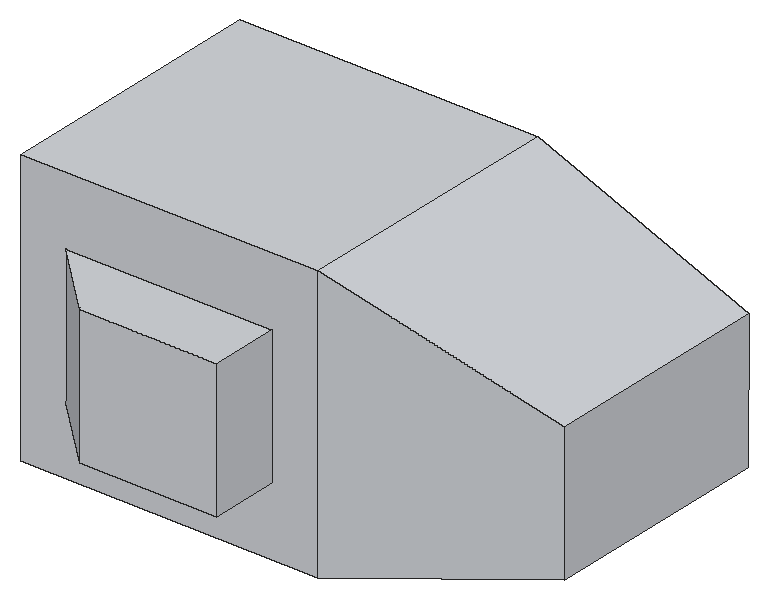
Revit family "M_T retangular com transição - Chanfrado", category Conexões de duto, Revit 2019
Family settings
  Cota do conector redondo = Utilizar diâmetro
  Tipo de parte = Tê
  Número OmniClass = 23.75.70.14
  Título OmniClass = Air Ductwork
  ID de item do Seek = Rectangular Tee with Transition - Beveled-0000-CAN-ENU
  Com base no plano de trabalho = Não
  Sempre na vertical = Sim
  Corte com vazios quando carregada = Não
  Compartilhado = Não
Parameters (values of type "Padrão")
  Comprimento do rebaixo [instance] = 50 mm
  Largura 2 [instance] = if(Ângulo = 90.00°, Largura do duto 3, (Largura do duto 3 + (Comprimento do duto 3) / tan(Ângulo)))  # 225 mm
  Altura 2 [instance] = if(Ângulo 1 = 90.00°, Altura do duto 3, (Altura do duto 3 + (Comprimento do duto 3) / tan(Ângulo 1) * 2))  # 150 mm
  Comprimento 6 [instance] = Comprimento do duto 1 + 25 mm  # 350 mm
  Comprimento 5 [instance] = (Largura 2 - Largura do duto 3) / 2  # 37.5 mm
  Comprimento 4 [instance] = Largura 1 + Comprimento do rebaixo * 2  # 325 mm
  Comprimento 3 [instance] = Largura base + Comprimento do rebaixo * 2  # 325 mm
  Comprimento 2 [instance] = (Largura base - Largura do duto 3) / 2  # 37.5 mm
  Comprimento 1 [instance] = Largura do duto 3 / 2 + Comprimento do rebaixo  # 125 mm
  Largura 1 [instance] = if(Ângulo = 90.00°, Largura do duto 3, (Largura do duto 3 + Comprimento do duto 3 / tan(Ângulo)))  # 225 mm
  Altura 1 [instance] = if(Ângulo 1 = 90.00°, Altura do duto 3, (Altura do duto 3 + Comprimento do duto 3 / tan(Ângulo 1) * 2))  # 150 mm
  Largura do duto 3 [instance] = 150 mm
  Largura do duto 2 [instance] = 250 mm
  Largura do duto 1 [instance] = 300 mm
  Comprimento do duto 2 [instance] = Largura do duto 2  # 250 mm
  Comprimento do duto 3 [instance] = if(Largura do duto 3 * 0.25 < 75 mm, 75 mm, Largura do duto 3 * 0.25)  # 75 mm
  Comprimento do duto 1 [instance] = if(Comprimento 4 > Comprimento 3, Comprimento 4, Comprimento 3)  # 325 mm
  Altura do duto 3 [instance] = 150 mm
  Altura do duto 2 [instance] = 150 mm
  Altura do duto 1 [instance] = 300 mm
  Largura base [instance] = if(Ângulo = 90.00°, Largura do duto 3, (Largura do duto 3 + Comprimento do duto 3 / tan(Ângulo)))  # 225 mm
  Altura base [instance] = if(Ângulo 1 = 90.00°, Altura do duto 3, (Altura do duto 3 + Comprimento do duto 3 / tan(Ângulo 1) * 2))  # 150 mm
  Assembly Code = ""
  Ângulo 1 = 90.00°
  Ângulo = 45.00°
Reference planes
  plane 1 "Centro (Frente/Trás)": y = 0
  plane 2: z = 0
  plane 3 "Centro (Esquerda/Direita)": x = 0
  plane 4: x = -200
  plane 5: x = 125
  plane 6: x = 375
  plane 7: y = -225
  plane 8: y = -150
  plane 9: x = -37.5
  plane 10: y = 150
  plane 11: y = -152.4
  plane 12: x = -225
  plane 13: x = -37.5
  plane 14: y = 152.4
Forms (mm)
  Sweep 1, solid, detail levels medium+fine
    path in 3D
      loop
        line (-200, 0, 0) -> (125, 0, 0)
    profile origin (-37.5, 0, 0) x (0, 1, 0) y (0, 0, 1)
      loop
        line (-150, 150) -> (-150, -150) -> (150, -150) -> (150, 150) -> (-150, 150)
  Blend 2, solid, detail levels medium+fine
    base sketch origin (0, 0, 0) x (0, 1, 0) y (0, 0, 1)
      loop
        line (150, 150) -> (-150, 150) -> (-150, -150) -> (150, -150) -> (150, 150)
    top sketch origin (0, 0, 0) x (0, 1, 0) y (0, 0, 1)
      loop
        line (125, 75) -> (-125, 75) -> (-125, -75) -> (125, -75) -> (125, 75)
    from 125 to 375
  Blend 3, solid, detail levels medium+fine
    base sketch origin (0, 0, 0) x (1, 0, 0) y (0, 0, 1)
      loop
        line (-150, 75) -> (-150, -75) -> (75, -75) -> (75, 75) -> (-150, 75)
    top sketch origin (0, 0, 0) x (1, 0, 0) y (0, 0, 1)
      loop
        line (-75, 75) -> (-75, -75) -> (75, -75) -> (75, 75) -> (-75, 75)
    from 150 to 225
  Sweep 4, void
    path origin (0, 0, 0) x (1, 0, 0) y (0, 1, 0)
      loop
        line (-225, 0) -> (-200, 0)
    profile origin (-212.5, 0, 0) x (0, 1, 0) y (0, 0, 1)
      loop
        line (150, 150) -> (-150, 150) -> (-150, -150) -> (150, -150) -> (150, 150)
Cuts and joins
  Sweep 4 cuts Sweep 1
  Sweep 4 cuts Blend 2
  Sweep 4 cuts Blend 3
  joined: Sweep 1, Blend 2, Blend 3
Lines and regions (mm)
  model lines, detail levels coarse
    curve 1: line (-200, 0, 0) -> (125, 0, 0)
    curve 3: line (125, 0, 0) -> (375, 0, 0)
    curve 4: line (0, 0, 0) -> (0, -225, 0)
  sketch lines
    curve 2: line (-200, 0, 0) -> (125, 0, 0)
Dimensions and locks
  "Comprimento do duto 1": plane 4 to plane 5
  "Comprimento 1": plane 3 "Centro (Esquerda/Direita)" to plane 5
  "Comprimento do duto 2": plane 5 to plane 6
  equal spacing: Sweep 1 sketch curve, profile plane, Sweep 1 sketch curve  (x2)
  "Largura do duto 1": Sweep 1 sketch curve to Sweep 1 sketch curve
  "Altura do duto 1": Sweep 1 sketch curve to Sweep 1 sketch curve
  equal spacing: Blend 2 sketch curve, plane 1 "Centro (Frente/Trás)", Blend 2 sketch curve  (x2)
  "Largura do duto 1": Blend 2 sketch curve to Blend 2 sketch curve
  equal spacing: Blend 2 sketch curve, plane 2, Blend 2 sketch curve  (x2)
  "Altura do duto 1": Blend 2 sketch curve to Blend 2 sketch curve
  "Largura do duto 2": Blend 2 sketch curve to Blend 2 sketch curve
  "Altura do duto 2": Blend 2 sketch curve to Blend 2 sketch curve
  equal spacing: Blend 3 sketch curve, plane 2, Blend 3 sketch curve  (x2)
  "Altura base": Blend 3 sketch curve to Blend 3 sketch curve
  equal spacing: Blend 3 sketch curve, plane 3 "Centro (Esquerda/Direita)", Blend 3 sketch curve
  "Largura do duto 3": Blend 3 sketch curve to Blend 3 sketch curve
  "Altura do duto 3": Blend 3 sketch curve to Blend 3 sketch curve
  "Comprimento do duto 3": plane 8 to plane 7
  equal spacing: Blend 3 sketch curve, plane 9, Blend 3 sketch curve
  "Largura base": Blend 3 sketch curve to Blend 3 sketch curve
  "Comprimento 2": plane 9 to plane 3 "Centro (Esquerda/Direita)"
  equal spacing: plane 10, plane 1 "Centro (Frente/Trás)", plane 8
  "Largura do duto 1": plane 10 to plane 8
  equal spacing: Sweep 4 sketch curve, profile plane, Sweep 4 sketch curve  (x2)
  equal spacing: plane 14, plane 1 "Centro (Frente/Trás)", plane 11
  "Comprimento 5": plane 13 to plane 3 "Centro (Esquerda/Direita)"
  "Comprimento 6": plane 12 to plane 5
  "Altura do duto 1": Sweep 4 sketch curve to Sweep 4 sketch curve
  "Largura do duto 1": Sweep 4 sketch curve to Sweep 4 sketch curve
  aligned and locked: plane 1 "Centro (Frente/Trás)" to curve 1
  aligned and locked: plane 4 to curve 1
  aligned and locked: plane 5 to curve 1
  aligned and locked: plane 6 to curve 3
  aligned and locked: plane 6 to Blend 2
  aligned and locked: Blend 2 to plane 5
  aligned and locked: plane 8 to Blend 3
  aligned and locked: Blend 3 to plane 7
  aligned and locked: curve 4 to plane 3 "Centro (Esquerda/Direita)"
  aligned and locked: plane 1 "Centro (Frente/Trás)" to curve 4
  aligned and locked: plane 7 to curve 4
  aligned and locked: plane 1 "Centro (Frente/Trás)" to Sweep 4 sketch curve
  aligned and locked: plane 12 to Sweep 4 sketch curve
  aligned and locked: plane 4 to Sweep 4 sketch curve
Connectors
  hvac at (-200, 0, 0), driven by "Altura do duto 1", driven by "Largura do duto 1"
    settings: on cut or joined group of Sweep 1, Blend 2, Blend 3, Sweep 4, index 1, duct flow 0.0 L/s, flow factor 0, pres drop 0.0 Pa, loss coef 0, conn angle 0.00°, conn width 300 mm, conn height 300 mm, conn diameter 609.6 mm, duct sys type 28, conn prof type 1, flow config 0, flow direction 0, loss method 0, conn ref index 2, conn util no, is conn primary yes, conn desc ""
  hvac at (375, 0, 0), driven by "Altura do duto 2", driven by "Largura do duto 2"
    settings: on cut or joined group of Sweep 1, Blend 2, Blend 3, Sweep 4, index 2, duct flow 0.0 L/s, flow factor 0, pres drop 0.0 Pa, loss coef 0, conn angle 0.00°, conn width 250 mm, conn height 150 mm, conn diameter 609.6 mm, duct sys type 28, conn prof type 1, flow config 0, flow direction 0, loss method 0, conn ref index 1, conn util no, is conn primary no, conn desc ""
  hvac at (0, -225, 0), driven by "Altura do duto 3", driven by "Largura do duto 3"
    settings: on cut or joined group of Sweep 1, Blend 2, Blend 3, Sweep 4, index 3, duct flow 0.0 L/s, flow factor 0, pres drop 0.0 Pa, loss coef 0, conn angle 0.00°, conn width 150 mm, conn height 150 mm, conn diameter 609.6 mm, duct sys type 28, conn prof type 1, flow config 0, flow direction 0, loss method 0, conn ref index -1, conn util no, is conn primary no, conn desc ""
